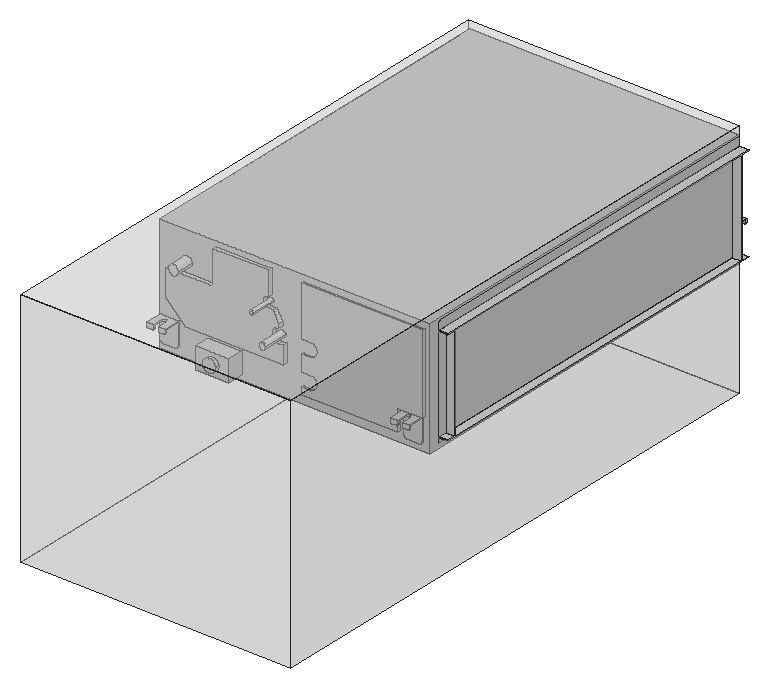
Revit family "outputfile", category 機械設備, Revit 2024
Family settings
  丸型コネクタ寸法 = 半径を使用
  パーツ タイプ = 標準
  OmniClass 番号 = 23.75.10.24.21.27.27
  OmniClass タイトル = Split System Air Conditioning Units
  作業面ベース = いいえ
  常に垂直 = はい
  ロード時にボイドで切り取り = いいえ
  注釈の向きを維持 = いいえ
  共有 = いいえ
  部屋計算ポイント = はい
Parameters (values of type "FXMQ63PAV4")
  Description = ""
  製造元 = "Daikin"
  書き出し IFC クラス(タイプ) = "IfcUnitaryEquipmentType"
  定義済み IFC タイプ(タイプ) = "AIRCONDITIONINGUNIT"
  Cost = 0
  モデル = "FXMQ63PAV4"
  Type Comments = ""
  Keynote = ""
  Type Image = (empty or 0)
  Assembly Code = ""
  r_Liquid Pipe Size = Liquid Pipe Size / 2  # 4.75 mm
  r_Gas Pipe Size = Gas Pipe Size / 2  # 7.95 mm
  r_Drain Pipe Size = Drain Pipe Size / 2  # 12.5 mm
  lw_power = 396.0 mm  # constant formula
  lh_SA = 165.0 mm  # constant formula
  lw_SA = if(Depth = 550.0 mm, 210.0 mm, if(Depth = 700.0 mm, 285.0 mm, if(Depth = 1000.0 mm, 435.0 mm, 635.0 mm)))  # 435.0 mm
  lw_RA = if(Depth = 550.0 mm, 288.0 mm, if(Depth = 700.0 mm, 363.0 mm, if(Depth = 1000.0 mm, 513.0 mm, 713.0 mm)))  # 513.0 mm
  lh_power = 60.0 mm + [h***]  # 60.0 mm
  lh_mountinghole1 = lh_mountinghole + [h***]  # 80.0 mm
  lh_RA = 150.0 mm  # constant formula
  ld_power = Depth / 2  # 500.0 mm
  Voltage_comment_60Hz = "220"
  Voltage_comment_50Hz = "220-240"
  Voltage_60Hz = 220 V
  Voltage_50Hz = 220 V
  URL = ""
  Supply Air Direction [instance] = yes
  Sound Power Level_H speed (dB) = 60
  Phase_60Hz = 1
  Phase_50Hz = 1
  Minimum External Static Pressure = 50.00 Pa
  Minimum Circuit Amps_60Hz = 1.8 A
  Minimum Circuit Amps_50Hz = 1.8 A
  Maximum Fuse Amps_60Hz = 16.0 A
  Maximum Fuse Amps_50Hz = 16.0 A
  Maximum External Static Pressure = 200.00 Pa
  Material_Casing = DAIKIN_GalvanizedSteel_Casing_indoorunit
  lw_mountinghole = 631.0 mm  # constant formula
  lh_gaspipe = 144.0 mm + [h***]  # 144.0 mm
  lh_mountinghole = 80.0 mm  # constant formula
  lh_liquidpipe = 212.0 mm + [h***]  # 212.0 mm
  lh_drainpipe = 232.0 mm + [h***]  # 232.0 mm
  lh_antena = Height - lh_mountinghole + 1.0 mm  # 221.0 mm
  ld_drainpipe = Depth / 2 + 54.0 mm  # 554.0 mm
  ld_liquidpipe = 565.0 mm
  ld_gaspipe = 565.0 mm
  ld_mountinghole = Depth + 38.0 mm  # 1038.0 mm
  h*** = 0.0 mm  # constant formula
  lw_liquidpipe = 290.0 mm  # constant formula
  lw_gaspipe = 318.0 mm  # constant formula
  lw_drainpipe = 80.0 mm  # constant formula
  Width = 700.0 mm
  Version = "ver.1.0"
  Unit Type = "Middle-High Static Pressure Duct Type"
  Unit Mass Weight = 35.00 kg
  Unit Designation [instance] = ""
  Uniclass2015Version = "Products v1.30"
  Uniclass2015Title = "Variable refrigerant flow units"
  Uniclass2015Code = "Pr_70_65_03_94"
  Total Heating Capacity [instance] = 0.000 kW
  Total Cooling Capacity [instance] = 0.000 kW
  Sound Pressure Level_M speed (dBA) = 0
  Sound Pressure Level_L speed (dBA) = 38
  Sound Pressure Level_H speed (dBA) = 42
  Series = "VRV Fan Coil Unit"
  Sensible Cooling Capacity [instance] = 0.000 kW
  SA Duct Size Width = if(Depth = 550.0 mm, 310.0 mm, if(Depth = 700.0 mm, 460.0 mm, if(Depth = 1000.0 mm, 760.0 mm, 1160.0 mm)))  # 760.0 mm
  SA Duct Size Height = 215.0 mm
  Refrigerant Type = "R410A"
  RA Duct Size Width = if(Depth = 550.0 mm, 475.0 mm, if(Depth = 700.0 mm, 625.0 mm, if(Depth = 1000.0 mm, 925.0 mm, 1325.0 mm)))  # 925.0 mm
  RA Duct Size Height = 247.0 mm
  Power Input (Heating) = 0.218 kW
  Power Input (Cooling) = 0.230 kW
  Option Accessory 3 [instance] = ""
  Option Accessory 2 [instance] = ""
  Option Accessory 1 [instance] = ""
  Nominal Heating Capacity = 8.000 kW
  Nominal Cooling Capacity = 7.100 kW
  Minimum Airflow = 960.00 m³/h
  Median Airflow = 1050.00 m³/h
  Maximum Airflow = 1170.00 m³/h
  Load Classification = HVAC
  Liquid Pipe Size = 9.5 mm
  Link_Nested Family [instance] = ""
  IfcVersion = "0"
  IfcExportType = "AIRCONDITIONINGUNIT"
  IfcExportAs = "IfcUnitaryEquipmentType"
  Height = 300.0 mm
  Heating Entering Wet Bulb Temperature [instance] = 0.00 °C
  Heating Entering Dry Bulb Temperature [instance] = 0.00 °C
  Heating Ambient Wet Bulb Temperature [instance] = 0.00 °C
  Heating Ambient Dry Bulb Temperature [instance] = 0.00 °C
  Heat Exchanger Type = "Cross Fin Coil"
  Gas Pipe Size = 15.9 mm
  Frequency_60Hz = 60 Hz
  Frequency_50Hz = 50 Hz
  Fan Type = "Sirocco Fan"
  Fan Drive = "Direct Drive"
  FCU Tag No. [instance] = ""
  Drain Pipe Size = 25.0 mm
  Design Supply Airflow [instance] = 0.00 m³/h
  Design Return Airflow [instance] = 0.00 m³/h
  Design External Static Pressure [instance] = 0.00 Pa
  Depth = 1000.0 mm
  既定の高さ = 0.0 mm
  Cooling Entering Wet Bulb Temperature [instance] = 0.00 °C
  Cooling Entering Dry Bulb Temperature [instance] = 0.00 °C
  Cooling Ambient Wet Bulb Temperature [instance] = 0.00 °C
  Cooling Ambient Dry Bulb Temperature [instance] = 0.00 °C
  Clearance visibility [instance] = yes
  Clearance Top = 20.0 mm
  Clearance Right = 0.0 mm
  Clearance Rear = 0.0 mm
  Clearance Left = 0.0 mm
  Clearance Front = 450.0 mm
  Clearance Bottom = 300.0 mm
Reference planes
  plane 1 "Center (Front/Back)": y = 0
  plane 2 "h": z = 0
  plane 3 "Center (Left/Right)": x = 0
  plane 4 "Back": y = 500
  plane 5 "Front": y = -500
  plane 6 "Left": x = -350
  plane 7 "Reight": x = 350
  plane 8 "Top": z = 0
  plane 9 "Bottom": z = -300
  plane 10: y = -215
  plane 11: y = 500
  plane 12: y = -950
  plane 13: x = -350
  plane 14: x = 350
  plane 15: z = 20
  plane 16: z = -600
  plane 17: x = -350
  plane 18: z = -135
  plane 19: x = -349
  plane 20: x = 349
  plane 21: y = 65
  plane 22: y = 13
  plane 23: z = -150
  plane 24: y = -510.8
  plane 25: z = -14
  plane 26: z = -219
  plane 27: x = -324
  plane 28: x = -60
  plane 29: x = -20
  plane 30: z = -156
  plane 31: x = -32
  plane 32: z = -88
  plane 33: x = 23
  plane 34: x = 335
  plane 35: z = -15.8
  plane 36: z = -274.8
  plane 37: z = -219.8
  plane 38: x = 271
  plane 39: x = -223.3
  plane 40: x = -138.3
  plane 41: z = -232.7
  plane 42: z = -288.5
  plane 43: y = -541
  plane 44: x = -181
  plane 45: z = -260
  plane 46: y = -551
  plane 47: z = -163.8
  plane 48: z = -239.8
  plane 49: x = 46
  plane 50: z = -88
  plane 51: x = -60
  plane 52: y = -565
  plane 53: z = -156
  plane 54: x = -32
  plane 55: y = -554
  plane 56: z = -68
  plane 57: x = -270
  plane 58: x = -270
  plane 59: x = -60
  plane 60: x = -32
  plane 61: x = 46
  plane 62: x = -323
  plane 63: x = 308
  plane 64: y = -519
  plane 65: y = 519
  plane 66: z = -220
  plane 67: y = -506
  plane 68: x = -204
  plane 69: z = -100.2
  plane 70: x = -374
  plane 71: x = 374
Forms (mm)
  Extrusion 1, solid, material "DAIKIN_GalvanizedSteel_Casing_indoorunit" <- "Material_Casing"
    sketch origin (0, 0, 0) x (1, 0, 0) y (0, 1, 0)
      loop
        line (-349, 500) -> (-349, -500) -> (349, -500) -> (349, 500) -> (-349, 500)
    from -300 to 0
  Extrusion 2, solid, material "DAIKIN_GalvanizedSteel_Casing_indoorunit" <- "Material_Casing"
    sketch origin (0, 0, 0) x (1, 0, 0) y (0, 0, 1)
      loop
        line (-324, -100.2) -> (-324, -168) -> (-273, -219) -> (-20, -219) -> (-20, -173.5) -> (-32, -173.5)
        arc (-32, -173.5) -> (-49.5, -156) -> (-32, -138.5) r 17.5
        line (-32, -138.5) -> (-32, -127.5) -> (-47, -101) -> (-60, -101)
        arc (-60, -101) -> (-73, -88) -> (-60, -75) r 13
        line (-60, -75) -> (-60, -14) -> (-204, -14) -> (-204, -100.2) -> (-324, -100.2)
    from 500 to 510.8
  Extrusion 3, solid, material "DAIKIN_GalvanizedSteel_Casing_indoorunit" <- "Material_Casing"
    sketch origin (0, 0, 0) x (1, 0, 0) y (0, 0, 1)
      loop
        line (23, -274.8) -> (271, -274.8) -> (271, -219.8) -> (335, -219.8) -> (335, -15.8) -> (23, -15.8) -> (23, -146.3) -> (46, -146.3)
        arc (46, -146.3) -> (63.5, -163.8) -> (46, -181.3) r 17.5
        line (46, -181.3) -> (23, -181.3) -> (23, -222.3) -> (46, -222.3)
        arc (46, -222.3) -> (63.5, -239.8) -> (46, -257.3) r 17.5
        line (46, -257.3) -> (23, -257.3) -> (23, -274.8)
    from 500 to 506
  Extrusion 4, solid, material "DAIKIN_GalvanizedSteel_Casing_indoorunit" <- "Material_Casing"
    sketch origin (0, 0, 0) x (1, 0, 0) y (0, 0, 1)
      loop
        line (-223.3, -232.7) -> (-223.3, -288.5) -> (-138.3, -288.5) -> (-138.3, -232.7) -> (-223.3, -232.7)
    from 500 to 541
  Extrusion 5, solid, material "DAIKIN_GalvanizedSteel_Casing_indoorunit" <- "Material_Casing"
    sketch origin (0, 0, 0) x (1, 0, 0) y (0, 0, 1)
      loop
        circle (-181, -260) r 16.5
    from 541 to 551
  Extrusion 6, solid
    sketch origin (0, 0, 0) x (1, 0, 0) y (0, 0, 1)
      loop
        circle (-60, -88) r 4.75
    from 500 to 565
  Extrusion 7, solid
    sketch origin (0, 0, 0) x (1, 0, 0) y (0, 0, 1)
      loop
        circle (-32, -156) r 7.95
    from 500 to 565
  Extrusion 8, solid
    sketch origin (0, 0, 0) x (1, 0, 0) y (0, 0, 1)
      loop
        circle (-270, -68) r 12.5
    from 510.8 to 554
Dimensions and locks
  "Height": plane 8 "Top" to plane 9 "Bottom"
  equal spacing: plane 4 "Back", plane 1 "Center (Front/Back)", plane 5 "Front"
  "Depth": plane 4 "Back" to plane 5 "Front"
  equal spacing: plane 6 "Left", plane 3 "Center (Left/Right)", plane 7 "Reight"
  "Width": plane 6 "Left" to plane 7 "Reight"
  "Clearance Left": plane 13 to plane 6 "Left"
  "Clearance Right": plane 7 "Reight" to plane 14
  "Clearance Rear": plane 11 to plane 4 "Back"
  "Clearance Front": plane 5 "Front" to plane 12
  "Clearance Top": plane 15 to plane 8 "Top"
  "Clearance Bottom": plane 9 "Bottom" to plane 16
  "lh_SA": plane 18 to plane 9 "Bottom"
  locked: plane 17 to plane 19 at 1
  locked: plane 20 to plane 14 at 1
  "lw_SA": plane 11 to plane 21
  "lw_RA": plane 22 to plane 5 "Front"
  "lh_RA": plane 23 to plane 9 "Bottom"
  locked: plane 5 "Front" to plane 24 at 10.8
  plane 29 to plane 28 to plane 27 to plane 6 "Left" = 40.0 mm, 264.0 mm, 26.0 mm
  locked: plane 31 to plane 6 "Left" at 318
  plane 34 to plane 33 to plane 6 "Left" = 312.0 mm locked, 373.0 mm locked
  locked: plane 34 to plane 38 at 64
  locked: plane 37 to plane 36 at 55
  plane 40 to plane 39 to plane 6 "Left" = 85.0 mm locked, 126.7 mm locked
  locked: plane 5 "Front" to plane 43 at 41
  locked: plane 44 to plane 6 "Left" at 169
  locked: plane 43 to plane 46 at 10
  plane 47 to plane 48 to plane 36 = 76.0 mm locked, 35.0 mm locked
  locked: plane 49 to plane 33 at 23
  "lw_liquidpipe": plane 51 to plane 6 "Left"
  "lh_liquidpipe": plane 50 to plane 9 "Bottom"
  "lh_gaspipe": plane 53 to plane 9 "Bottom"
  "lw_gaspipe": plane 54 to plane 6 "Left"
  "ld_gaspipe": plane 52 to plane 1 "Center (Front/Back)"
  "ld_drainpipe": plane 55 to plane 1 "Center (Front/Back)"
  "lh_drainpipe": plane 56 to plane 9 "Bottom"
  "lw_drainpipe": plane 57 to plane 6 "Left"
  "lw_drainpipe": plane 6 "Left" to plane 58
  "lw_liquidpipe": plane 6 "Left" to plane 59
  "lw_gaspipe": plane 6 "Left" to plane 60
  "lw_power": plane 6 "Left" to plane 61
  plane 17 to plane 62 = 27.0 mm
  "lw_mountinghole": plane 62 to plane 63
  equal spacing: plane 64, plane 1 "Center (Front/Back)", plane 65
  "ld_mountinghole": plane 65 to plane 64
  "lh_mountinghole": plane 66 to plane 9 "Bottom"
  plane 8 "Top" to plane 41 to plane 42 = 232.7 mm locked, 55.8 mm locked
  locked: plane 8 "Top" to plane 45 at 260
  plane 8 "Top" to plane 25 to plane 26 = 14.0 mm locked, 205.0 mm locked
  plane 8 "Top" to plane 32 to plane 30 = 88.0 mm locked, 68.0 mm locked
  plane 8 "Top" to plane 35 to plane 36 = 15.8 mm locked, 259.0 mm locked
  locked: plane 5 "Front" to plane 67 at 6
  locked: plane 25 to plane 69 at 86.2
  locked: plane 27 to plane 68 at 120
  locked: plane 70 to plane 6 "Left" at 24
  locked: plane 14 to plane 71 at 24
  "r_Liquid Pipe Size": radius of Extrusion 6 sketch curve
  "r_Gas Pipe Size": radius of Extrusion 7 sketch curve
  "r_Drain Pipe Size": radius of Extrusion 8 sketch curve
  aligned and locked: level to plane 2 "h"
  aligned and locked: plane 8 "Top" to Extrusion 1
  aligned and locked: Extrusion 1 to plane 9 "Bottom"
  aligned and locked: nested 5 to plane 12
  aligned and locked: plane 13 to nested 5
  aligned and locked: plane 14 to nested 5
  aligned and locked: nested 5 to plane 13
  aligned and locked: plane 11 to nested 5
  aligned and locked: plane 15 to nested 5
  aligned and locked: plane 16 to nested 5
  aligned and locked: plane 5 "Front" to Extrusion 1 sketch curve
  aligned and locked: Extrusion 1 to plane 19
  aligned and locked: plane 20 to Extrusion 1
  aligned and locked: nested 7 to plane 19
  aligned and locked: nested 7 to plane 21
  aligned and locked: plane 18 to nested 7
  aligned and locked: plane 20 to nested 8
  aligned and locked: plane 22 to nested 8
  aligned and locked: plane 23 to nested 8
  aligned and locked: Extrusion 2 to plane 24
  aligned and locked: plane 5 "Front" to Extrusion 2
  aligned and locked: plane 36 to Extrusion 3 sketch curve
  aligned and locked: plane 38 to Extrusion 3 sketch curve
  aligned and locked: plane 37 to Extrusion 3 sketch curve
  aligned and locked: Extrusion 3 sketch curve to plane 34
  aligned and locked: Extrusion 3 sketch curve to plane 35
  aligned and locked: Extrusion 3 sketch curve to plane 33
  aligned and locked: plane 5 "Front" to Extrusion 3
  aligned and locked: Extrusion 4 sketch curve to plane 41
  aligned and locked: Extrusion 4 sketch curve to plane 39
  aligned and locked: plane 42 to Extrusion 4 sketch curve
  aligned and locked: plane 40 to Extrusion 4 sketch curve
  aligned and locked: Extrusion 4 to plane 43
  aligned and locked: plane 5 "Front" to Extrusion 4
  aligned and locked: Extrusion 5 sketch curve to plane 44
  aligned and locked: plane 45 to Extrusion 5 sketch curve
  aligned and locked: Extrusion 5 to plane 46
  aligned and locked: plane 43 to Extrusion 5
  aligned and locked: Extrusion 6 sketch curve to plane 51
  aligned and locked: plane 50 to Extrusion 6 sketch curve
  aligned and locked: Extrusion 6 to plane 52
  aligned and locked: plane 5 "Front" to Extrusion 6
  aligned and locked: Extrusion 7 sketch curve to plane 54
  aligned and locked: plane 53 to Extrusion 7 sketch curve
  aligned and locked: Extrusion 7 to Extrusion 6
  aligned and locked: plane 5 "Front" to Extrusion 7
  aligned and locked: Extrusion 8 sketch curve to plane 57
  aligned and locked: plane 56 to Extrusion 8 sketch curve
  aligned and locked: Extrusion 8 to plane 55
  aligned and locked: plane 24 to Extrusion 8
  aligned and locked: nested 3 to plane 55
  aligned and locked: plane 58 to nested 3
  aligned and locked: nested 2 to plane 59
  aligned and locked: nested 2 to plane 52
  aligned and locked: nested 1 to plane 60
  aligned and locked: Extrusion 7 to plane 52
  aligned and locked: nested 1 to plane 52
  aligned and locked: nested 6 to plane 5 "Front"
  aligned and locked: nested 6 to plane 61
  aligned and locked: plane 62 to nested 10
  aligned and locked: nested 10 to plane 5 "Front"
  aligned and locked: plane 63 to nested 9
  aligned and locked: nested 9 to plane 5 "Front"
  aligned and locked: nested 11 to plane 62
  aligned and locked: plane 4 "Back" to nested 11
  aligned and locked: nested 12 to plane 63
  aligned and locked: plane 4 "Back" to nested 12
  aligned and locked: plane 66 to nested 10
  aligned and locked: plane 66 to nested 11
  aligned and locked: plane 66 to nested 9
  aligned and locked: plane 66 to nested 12
  aligned and locked: plane 62 to nested 14
  aligned and locked: nested 14 to plane 65
  aligned and locked: plane 63 to nested 13
  aligned and locked: nested 13 to plane 65
  aligned and locked: plane 63 to nested 16
  aligned and locked: plane 64 to nested 16
  aligned and locked: plane 64 to nested 15
  aligned and locked: plane 62 to nested 15
  aligned and locked: Extrusion 3 to plane 67
  aligned and locked: Extrusion 2 sketch curve to plane 68
  aligned and locked: plane 69 to Extrusion 2 sketch curve
  aligned and locked: nested 17 to plane 21
  aligned and locked: nested 17 to plane 70
  aligned and locked: plane 18 to nested 17
  aligned and locked: plane 22 to nested 18
  aligned and locked: plane 71 to nested 18
  aligned and locked: nested 18 to plane 23
  aligned and locked: nested 4 to plane 3 "Center (Left/Right)"
  aligned and locked: plane 1 "Center (Front/Back)" to nested 4
  aligned and locked: level to plane 8 "Top"
Automatic sketch dimensions
  plane 6 "Left" to Extrusion 1 sketch curve = 1.0 mm
  Extrusion 1 sketch curve to plane 7 "Reight" = 1.0 mm
  Extrusion 1 sketch curve to plane 4 "Back" = 0.0 mm
  Extrusion 3 sketch curve to plane 33 = 0.0 mm  (x2)
  Extrusion 3 sketch curve to plane 47 = 0.0 mm
  Extrusion 3 sketch curve to plane 49 = 0.0 mm  (x4)
  Extrusion 3 sketch curve to plane 48 = 0.0 mm
  Extrusion 3 sketch curve to plane 37 = 2.5 mm
  plane 23 to Extrusion 3 sketch curve = 3.7 mm
  plane 27 to Extrusion 2 sketch curve = 0.0 mm
  Extrusion 2 sketch curve to plane 26 = 0.0 mm
  Extrusion 2 sketch curve to plane 28 = 0.0 mm
  Extrusion 2 sketch curve to plane 31 = 0.0 mm
  Extrusion 2 sketch curve to plane 29 = 0.0 mm
  Extrusion 2 sketch curve to plane 30 = 0.0 mm
  Extrusion 2 sketch curve to plane 32 = 0.0 mm
  Extrusion 2 sketch curve to plane 25 = 0.0 mm
  Extrusion 2 sketch curve to Extrusion 2 sketch curve = 13.0 mm
  Extrusion 2 sketch curve to Extrusion 2 sketch curve = 17.5 mm
  plane 18 to Extrusion 2 sketch curve = 7.5 mm
  Extrusion 2 sketch curve to plane 58 = 3.0 mm
  Extrusion 2 sketch curve to plane 30 = 12.0 mm
  Extrusion 2 sketch curve to Extrusion 2 sketch curve = 0.8 mm
  radius of Extrusion 5 sketch curve = 16.5 mm
Nested families
  nested 1: "daikin_connector_rotate2" at (-32, 0, -156), length <- "ld_gaspipe", built-in parameter 1001364 <- "lh_gaspipe", radius <- "r_Gas Pipe Size", type "daikin_connector_rotate2"
    with radius 7.95 mm, length 565.0 mm, angle_vertical 90.00°
  nested 2: "daikin_connector_rotate2" at (-60, 0, -88), length <- "ld_liquidpipe", built-in parameter 1001364 <- "lh_liquidpipe", radius <- "r_Liquid Pipe Size", type "daikin_connector_rotate2"
    with radius 4.75 mm, length 565.0 mm, angle_vertical 90.00°
  nested 3: "daikin_connector_rotate2" at (-270, 0, -68), length <- "ld_drainpipe", built-in parameter 1001364 <- "lh_drainpipe", radius <- "r_Drain Pipe Size", type "daikin_connector_rotate2"
    with radius 12.5 mm, length 554.0 mm, angle_vertical 90.00°
  nested 4: "daikin_△_symbolicline" at (0, 0, 300) x (0, -1, 0) z (0, 0, 1), built-in parameter 1001364 <- "Height", visible <- "Supply Air Direction", type "daikin_△_symbolicline"
    with length 200.0 mm
  nested 5: "daikin_clearancespace" at (0, -225, -289.881), visible <- "Clearance visibility", show <- "Clearance visibility", Link_Nested Family <- "Link_Nested Family", type "daikin_clearancespace"
    with width 700.0 mm, show yes, height 620.0 mm, depth 1450.0 mm, Link_Nested Family ""
  nested 6: "daikin_connector_rotate2" at (46, 0, -240), built-in parameter 1001364 <- "lh_power", length <- "ld_power", type "daikin_connector_rotate2"
    with radius 10.0 mm, length 500.0 mm, angle_vertical 90.00°
  nested 7: "daikin_ductflange_FXMQ-PAV4_2" at (-349, 65, -135) x (0, -1, 0) z (0, 0, 1), type "daikin_ductflange_FXMQ-PAV4_2"
    with width 760.0 mm, w 1000.0 mm
  nested 8: "daikin_ductflange_FXMQ-PAV4_1" at (349, 13, -150) x (0, 1, 0) z (0, 0, 1), type "daikin_ductflange_FXMQ-PAV4_1"
    with width 925.0 mm, w 1000.0 mm
  nested 9: "daikin_hangerfixture_FXMQ-PAV4" at (308, -500, -220), type "daikin_hangerfixture_FXMQ-PAV4"
  nested 10: "daikin_hangerfixture_FXMQ-PAV4" at (-323, -500, -220), type "daikin_hangerfixture_FXMQ-PAV4"
  nested 11: "daikin_hangerfixture_FXMQ-PAV4" at (-323, 500, -220) x (-1, 0, 0) z (0, 0, 1), type "daikin_hangerfixture_FXMQ-PAV4"
  nested 12: "daikin_hangerfixture_FXMQ-PAV4" at (308, 500, -220) x (-1, 0, 0) z (0, 0, 1), type "daikin_hangerfixture_FXMQ-PAV4"
  nested 13: "daikin_mountinghole" at (308, 519, -300), h_mountinghole <- "lh_mountinghole1", l_antenna <- "lh_antena", Link_Nested Family <- "Link_Nested Family", type "daikin_mountinghole"
    with show yes, l_antenna 221.0 mm, h_mountinghole 80.0 mm, Link_Nested Family ""
  nested 14: "daikin_mountinghole" at (-323, 519, -300), h_mountinghole <- "lh_mountinghole1", l_antenna <- "lh_antena", Link_Nested Family <- "Link_Nested Family", type "daikin_mountinghole"
    with show yes, l_antenna 221.0 mm, h_mountinghole 80.0 mm, Link_Nested Family ""
  nested 15: "daikin_mountinghole" at (-323, -519, -300), h_mountinghole <- "lh_mountinghole1", l_antenna <- "lh_antena", Link_Nested Family <- "Link_Nested Family", type "daikin_mountinghole"
    with show yes, l_antenna 221.0 mm, h_mountinghole 80.0 mm, Link_Nested Family ""
  nested 16: "daikin_mountinghole" at (308, -519, -300), h_mountinghole <- "lh_mountinghole1", l_antenna <- "lh_antena", Link_Nested Family <- "Link_Nested Family", type "daikin_mountinghole"
    with show yes, l_antenna 221.0 mm, h_mountinghole 80.0 mm, Link_Nested Family ""
  nested 17: "daikin_connector_rotate2" at (-350, 65, -135) x (0, -1, 0) z (0, 0, 1), type "daikin_connector_rotate2"
    with radius 10.0 mm, length 24.0 mm, angle_vertical 90.00°
  nested 18: "daikin_connector_rotate2" at (350, 13, -150) x (0, 1, 0) z (0, 0, 1), type "daikin_connector_rotate2"
    with radius 10.0 mm, length 24.0 mm, angle_vertical 90.00°
Connectors
  piping at (-270, -554, -68), diameter 25, driven by "r_Drain Pipe Size"
    settings: on nested 3, index 3, connector inside diameter 609.6 mm, connector length 0.0 mm, flow factor 0, pipe flow 0.00 m³/h, pressure drop 0.0 Pa, fitting loss kfactor 0, connector angle 0.00°, fixture units 0, engagement length 0.0 mm, angle of deflection 0.00°, flow configuration 1, flow direction 2, fitting loss method 4, system type 16, joint type 0, gender type 0, connector reference index -1, connector utility 0, adjustable connector no, is connector primary yes, connector description "Condensate Drain Piping"
  piping at (-32, -565, -156), diameter 15.9, driven by "r_Gas Pipe Size"
    settings: on nested 1, index 4, connector inside diameter 609.6 mm, connector length 0.0 mm, flow factor 0, pipe flow 0.00 m³/h, pressure drop 0.0 Pa, fitting loss kfactor 0, connector angle 0.00°, fixture units 0, engagement length 0.0 mm, angle of deflection 0.00°, flow configuration 1, flow direction 2, fitting loss method 0, system type 29, joint type 0, gender type 0, connector reference index -1, connector utility 0, adjustable connector no, is connector primary no, connector description "Refrigerant Gas Piping"
  piping at (-60, -565, -88), diameter 9.5, driven by "r_Liquid Pipe Size"
    settings: on nested 2, index 5, connector inside diameter 609.6 mm, connector length 0.0 mm, flow factor 0, pipe flow 0.00 m³/h, pressure drop 0.0 Pa, fitting loss kfactor 0, connector angle 0.00°, fixture units 0, engagement length 0.0 mm, angle of deflection 0.00°, flow configuration 1, flow direction 1, fitting loss method 0, system type 29, joint type 0, gender type 0, connector reference index -1, connector utility 0, adjustable connector no, is connector primary no, connector description "Refrigerant Liquid Piping"
  electrical at (46, -500, -240), driven by "Load Classification"
    settings: on nested 6, index 6, voltage 0 V, apparent load 0 VA, apparent load phase1 0 VA, apparent load phase2 0 VA, apparent load phase3 0 VA, power factor 1, load classification "HVAC", number of poles 1, system type 30, power factor state 1, is connector primary yes, connector utility no, sub classification motor no, connector description "Power Supply"
  hvac at (-374, 65, -135), driven by "SA Duct Size Height", driven by "SA Duct Size Width"
    settings: on nested 17, index 7, duct flow 0.00 m³/h, flow factor 0, pres drop 0.00 Pa, loss coef 0, conn angle 0.00°, conn width 760.0 mm, conn height 215.0 mm, conn diameter 609.6 mm, duct sys type 1, conn prof type 1, flow config 0, flow direction 2, loss method 4, conn ref index -1, conn util no, is conn primary yes, conn desc "SA Duct"
  hvac at (374, 13, -150), driven by "RA Duct Size Height", driven by "RA Duct Size Width"
    settings: on nested 18, index 8, duct flow 0.00 m³/h, flow factor 0, pres drop 0.00 Pa, loss coef 0, conn angle 0.00°, conn width 925.0 mm, conn height 247.0 mm, conn diameter 609.6 mm, duct sys type 2, conn prof type 1, flow config 0, flow direction 1, loss method 4, conn ref index -1, conn util no, is conn primary no, conn desc "RA Duct"
Definition of nested family "daikin_clearancespace"
  Parameters (values of type "daikin_clearancespace")
    width [instance] = 1823.963 mm
    show [instance] = yes
    material = none
    height [instance] = 1359.762 mm
    depth [instance] = 880.0 mm
    Default Elevation = 0.0 mm
    Link_Nested Family [instance] = ""
  Reference planes
    plane 1 "Center (Front/Back)": y = 0
    plane 2 "Center (Elevation)": z = -0.119
    plane 3 "Center (Left/Right)": x = 0
    plane 4: y = 440
    plane 5: y = -440
    plane 6 "Right": x = 911.982
    plane 7 "Left": x = -911.982
    plane 8 "Top": z = 679.762
    plane 9 "Bottom": z = -680
  Forms (mm)
    Extrusion 1, solid, material <- "material", visible <- "show"
      sketch origin (0, 0, 0) x (1, 0, 0) y (0, 1, 0)
        loop
          line (-911.982, 440) -> (-911.982, -440) -> (911.982, -440) -> (911.982, 440) -> (-911.982, 440)
      from -680 to 679.762
  Lines and regions (mm)
    symbolic lines, visible <- "show"
      curve 1: line (911.982, 440, 0) -> (-911.982, 440, 0)
      curve 2: line (-911.982, 440, 0) -> (-911.982, -440, 0)
      curve 3: line (-911.982, -440, 0) -> (911.982, -440, 0)
      curve 4: line (911.982, -440, 0) -> (911.982, 440, 0)
      curve 5: line (911.982, 0, 679.762) -> (-911.982, 0, 679.762)
      curve 6: line (911.982, 0, -680) -> (911.982, 0, 679.762)
      curve 7: line (-911.982, 0, -680) -> (911.982, 0, -680)
      curve 8: line (-911.982, 0, 679.762) -> (-911.982, 0, -680)
      curve 9: line (0, 440, 679.762) -> (0, -440, 679.762)
      curve 10: line (0, -440, 679.762) -> (0, -440, -680)
      curve 11: line (0, 440, -680) -> (0, 440, 679.762)
      curve 12: line (0, -440, -680) -> (0, 440, -680)
  Dimensions and locks
    "width": plane 7 "Left" to plane 6 "Right"
    "depth": plane 4 to plane 5
    "height": plane 8 "Top" to plane 9 "Bottom"
    equal spacing: plane 7 "Left", plane 3 "Center (Left/Right)", plane 6 "Right"
    equal spacing: plane 4, plane 1 "Center (Front/Back)", plane 5
    equal spacing: plane 8 "Top", plane 2 "Center (Elevation)", plane 9 "Bottom"
    aligned and locked: level to plane 2 "Center (Elevation)"
    aligned and locked: Extrusion 1 sketch curve to plane 4
    aligned and locked: plane 7 "Left" to Extrusion 1 sketch curve
    aligned and locked: Extrusion 1 sketch curve to plane 5
    aligned and locked: Extrusion 1 sketch curve to plane 6 "Right"
    aligned and locked: plane 8 "Top" to Extrusion 1
    aligned and locked: curve 1 to Extrusion 1
    aligned and locked: curve 2 to Extrusion 1
    aligned and locked: curve 3 to Extrusion 1
    aligned and locked: curve 4 to Extrusion 1
    aligned and locked: curve 5 to Extrusion 1
    aligned and locked: curve 6 to Extrusion 1
    aligned and locked: curve 7 to Extrusion 1
    aligned and locked: curve 8 to Extrusion 1
    aligned and locked: curve 9 to Extrusion 1
    aligned and locked: curve 10 to Extrusion 1
    aligned and locked: curve 11 to Extrusion 1
    aligned and locked: curve 12 to Extrusion 1
    aligned and locked: Extrusion 1 to plane 9 "Bottom"
Definition of nested family "daikin_ductflange_FXMQ-PAV4_2"
  Parameters (values of type "daikin_ductflange_FXDSQ-AVM2")
    width = if(w = 550.0 mm, 310.0 mm, if(w = 700.0 mm, 460.0 mm, if(w = 1000.0 mm, 760.0 mm, 1160.0 mm)))  # 310.0 mm
    material = none
    height = 215.0 mm
    depth = 1.0 mm
    w = 550.0 mm
    Default Elevation = 0.0 mm
  Reference planes
    plane 1 "Center (Front/Back)": y = 0
    plane 2: z = 0
    plane 3 "Center (Left/Right)": x = 0
    plane 4: z = 107.5
    plane 5: z = -107.5
    plane 6: y = -25
    plane 7: z = 132.5
    plane 8: z = 108.5
    plane 9: y = -1
    plane 10: x = -177.5
    plane 11: x = 177.5
    plane 12: z = -132.5
    plane 13: z = -108.5
    plane 14: y = -1
    plane 15: x = 155
    plane 16: x = -155
    plane 17: x = 156
    plane 18: z = 106.5
    plane 19: z = -106.5
    plane 20: x = -156
    plane 21: z = 106.5
    plane 22: z = -106.5
    plane 23: y = -1
  Forms (mm)
    Extrusion 1, solid, material <- "material"
      sketch origin (0, 0, 0) x (0, 1, 0) y (0, 0, 1)
        loop
          line (-25, 107.5) -> (0, 107.5) -> (0, 132.5) -> (-1, 132.5) -> (-1, 108.5) -> (-25, 108.5) -> (-25, 107.5)
      from -177.5 to 177.5
    Extrusion 2, solid, material <- "material"
      sketch origin (0, 0, 0) x (0, 1, 0) y (0, 0, 1)
        loop
          line (-25, -107.5) -> (-25, -108.5) -> (-1, -108.5) -> (-1, -132.5) -> (0, -132.5) -> (0, -107.5) -> (-25, -107.5)
      from -177.5 to 177.5
    Extrusion 3, solid, material <- "material"
      sketch origin (0, 0, 0) x (1, 0, 0) y (0, 0, 1)
        loop
          line (155, 107.5) -> (155, -107.5) -> (177.5, -107.5) -> (177.5, -106.5) -> (156, -106.5) -> (156, 106.5) -> (177.5, 106.5) -> (177.5, 107.5) -> (155, 107.5)
      from 0 to 25
    Extrusion 4, solid, material <- "material"
      sketch origin (0, 0, 0) x (1, 0, 0) y (0, 0, 1)
        loop
          line (-177.5, 107.5) -> (-177.5, 106.5) -> (-156, 106.5) -> (-156, -106.5) -> (-177.5, -106.5) -> (-177.5, -107.5) -> (-155, -107.5) -> (-155, 107.5) -> (-177.5, 107.5)
      from 0 to 25
    Extrusion 5, solid, material <- "material"
      sketch origin (0, 0, 0) x (1, 0, 0) y (0, 0, 1)
        loop
          line (-177.5, 107.5) -> (-177.5, -107.5) -> (-155, -107.5) -> (-155, 107.5) -> (-177.5, 107.5)
        loop
          line (177.5, 107.5) -> (155, 107.5) -> (155, -107.5) -> (177.5, -107.5) -> (177.5, 107.5)
      from 0 to 1
  Cuts and joins
    joined: Extrusion 1, Extrusion 2, Extrusion 3, Extrusion 4, Extrusion 5
  Dimensions and locks
    plane 4 to level to plane 5 = 107.5 mm locked, 107.5 mm locked
    locked: plane 6 to plane 1 "Center (Front/Back)" at 25
    locked: plane 9 to plane 1 "Center (Front/Back)" at 1
    locked: plane 8 to plane 4 at 1
    locked: plane 11 to plane 15 at 22.5
    locked: plane 16 to plane 10 at 22.5
    locked: plane 17 to plane 15 at 1
    locked: plane 4 to plane 18 at 1
    locked: plane 19 to plane 5 at 1
    "width": plane 15 to plane 16
    plane 4 to plane 5 = 215.0 mm
    equal spacing: plane 15, plane 3 "Center (Left/Right)", plane 16
    locked: plane 16 to plane 20 at 1
    locked: plane 4 to plane 21 at 1
    locked: plane 22 to plane 5 at 1
    locked: plane 23 to plane 1 "Center (Front/Back)" at 1
    aligned and locked: level to plane 2
    aligned and locked: Extrusion 1 to plane 10
    aligned and locked: plane 11 to Extrusion 1
    aligned and locked: plane 5 to Extrusion 2
    aligned and locked: Extrusion 2 to plane 1 "Center (Front/Back)"
    aligned and locked: plane 15 to Extrusion 3 sketch curve
    aligned and locked: Extrusion 3 sketch curve to Extrusion 2  (x2)
    aligned and locked: Extrusion 3 sketch curve to plane 11
    aligned and locked: plane 6 to Extrusion 3
    aligned and locked: Extrusion 2 to plane 10
    aligned and locked: plane 11 to Extrusion 2
    aligned and locked: Extrusion 4 sketch curve to Extrusion 1  (x2)
    aligned and locked: plane 5 to Extrusion 4 sketch curve
    aligned and locked: Extrusion 4 sketch curve to plane 16
    aligned and locked: Extrusion 4 sketch curve to plane 22
    aligned and locked: plane 20 to Extrusion 4 sketch curve
    aligned and locked: plane 21 to Extrusion 4 sketch curve
    aligned and locked: Extrusion 4 to plane 1 "Center (Front/Back)"
    aligned and locked: plane 6 to Extrusion 4
    aligned and locked: Extrusion 5 sketch curve to Extrusion 1  (x4)
    aligned and locked: Extrusion 5 sketch curve to Extrusion 4  (x2)
    aligned and locked: Extrusion 5 sketch curve to Extrusion 3  (x2)
    aligned and locked: Extrusion 5 to plane 1 "Center (Front/Back)"
    aligned and locked: plane 23 to Extrusion 5
  Automatic sketch dimensions
    Extrusion 1 sketch curve to plane 6 = 0.0 mm
    Extrusion 1 sketch curve to plane 7 = 0.0 mm
    Extrusion 1 sketch curve to plane 9 = 0.0 mm
    Extrusion 1 sketch curve to plane 1 "Center (Front/Back)" = 0.0 mm
    Extrusion 1 sketch curve to plane 4 = 0.0 mm
    Extrusion 1 sketch curve to plane 8 = 0.0 mm
    Extrusion 2 sketch curve to plane 6 = 0.0 mm
    plane 12 to Extrusion 2 sketch curve = 0.0 mm
    Extrusion 2 sketch curve to plane 14 = 0.0 mm
    Extrusion 2 sketch curve to plane 1 "Center (Front/Back)" = 0.0 mm
    plane 13 to Extrusion 2 sketch curve = 0.0 mm
    Extrusion 2 sketch curve to plane 5 = 0.0 mm
    Extrusion 3 sketch curve to plane 17 = 0.0 mm
    Extrusion 3 sketch curve to plane 19 = 0.0 mm
    Extrusion 3 sketch curve to plane 18 = 0.0 mm
    Extrusion 3 sketch curve to plane 4 = 0.0 mm
    Extrusion 4 sketch curve to plane 10 = 0.0 mm
Definition of nested family "daikin_ductflange_FXMQ-PAV4_1"
  Parameters (values of type "daikin_ductflange_FXDSQ-AVM")
    width = if(w = 550.0 mm, 475.0 mm, if(w = 700.0 mm, 625.0 mm, if(w = 1000.0 mm, 925.0 mm, 1325.0 mm)))  # 475.0 mm
    material = none
    height = 247.0 mm
    depth = 1.0 mm
    w = 550.0 mm
    Default Elevation = 0.0 mm
  Reference planes
    plane 1 "Center (Front/Back)": y = 0
    plane 2: z = 0
    plane 3 "Center (Left/Right)": x = 0
    plane 4: z = 123.5
    plane 5: z = -123.5
    plane 6: y = -25
    plane 7: z = 146.5
    plane 8: z = 124.5
    plane 9: y = -1
    plane 10: x = -260
    plane 11: x = 260
    plane 12: z = -137
    plane 13: z = -124.5
    plane 14: y = -1
    plane 15: x = 237.5
    plane 16: x = -237.5
    plane 17: x = 238.5
    plane 18: z = 122.5
    plane 19: z = -122.5
    plane 20: x = -238.5
    plane 21: z = 122.5
    plane 22: z = -122.5
    plane 23: y = -1
  Forms (mm)
    Extrusion 1, solid, material <- "material"
      sketch origin (0, 0, 0) x (0, 1, 0) y (0, 0, 1)
        loop
          line (-25, 123.5) -> (0, 123.5) -> (0, 146.5) -> (-1, 146.5) -> (-1, 124.5) -> (-25, 124.5) -> (-25, 123.5)
      from -260 to 260
    Extrusion 2, solid, material <- "material"
      sketch origin (0, 0, 0) x (0, 1, 0) y (0, 0, 1)
        loop
          line (-25, -123.5) -> (-25, -124.5) -> (-1, -124.5) -> (-1, -137) -> (0, -137) -> (0, -123.5) -> (-25, -123.5)
      from -260 to 260
    Extrusion 3, solid, material <- "material"
      sketch origin (0, 0, 0) x (1, 0, 0) y (0, 0, 1)
        loop
          line (237.5, 123.5) -> (237.5, -123.5) -> (260, -123.5) -> (260, -122.5) -> (238.5, -122.5) -> (238.5, 122.5) -> (260, 122.5) -> (260, 123.5) -> (237.5, 123.5)
      from 0 to 25
    Extrusion 4, solid, material <- "material"
      sketch origin (0, 0, 0) x (1, 0, 0) y (0, 0, 1)
        loop
          line (-260, 123.5) -> (-260, 122.5) -> (-238.5, 122.5) -> (-238.5, -122.5) -> (-260, -122.5) -> (-260, -123.5) -> (-237.5, -123.5) -> (-237.5, 123.5) -> (-260, 123.5)
      from 0 to 25
    Extrusion 5, solid, material <- "material"
      sketch origin (0, 0, 0) x (1, 0, 0) y (0, 0, 1)
        loop
          line (-260, 123.5) -> (-260, -123.5) -> (-237.5, -123.5) -> (-237.5, 123.5) -> (-260, 123.5)
        loop
          line (260, 123.5) -> (237.5, 123.5) -> (237.5, -123.5) -> (260, -123.5) -> (260, 123.5)
      from 0 to 1
  Cuts and joins
    joined: Extrusion 1, Extrusion 2, Extrusion 3, Extrusion 4, Extrusion 5
  Dimensions and locks
    plane 4 to level to plane 5 = 123.5 mm, 123.5 mm
    locked: plane 6 to plane 1 "Center (Front/Back)" at 25
    locked: plane 9 to plane 1 "Center (Front/Back)" at 1
    locked: plane 8 to plane 4 at 1
    locked: plane 11 to plane 15 at 22.5
    locked: plane 16 to plane 10 at 22.5
    locked: plane 17 to plane 15 at 1
    locked: plane 4 to plane 18 at 1
    locked: plane 19 to plane 5 at 1
    "width": plane 15 to plane 16
    equal spacing: plane 15, plane 3 "Center (Left/Right)", plane 16
    locked: plane 16 to plane 20 at 1
    locked: plane 4 to plane 21 at 1
    locked: plane 22 to plane 5 at 1
    locked: plane 23 to plane 1 "Center (Front/Back)" at 1
    equal spacing: plane 4, level, plane 5
    locked: plane 7 to plane 4 at 23
    locked: plane 5 to plane 12 at 13.5
    locked: plane 1 "Center (Front/Back)" to plane 14 at 1
    locked: plane 5 to plane 13 at 1
    locked: plane 4 to plane 5 at 247
    aligned and locked: level to plane 2
    aligned and locked: Extrusion 1 to plane 10
    aligned and locked: plane 11 to Extrusion 1
    aligned and locked: plane 5 to Extrusion 2
    aligned and locked: Extrusion 2 to plane 1 "Center (Front/Back)"
    aligned and locked: plane 15 to Extrusion 3 sketch curve
    aligned and locked: Extrusion 3 sketch curve to Extrusion 2  (x2)
    aligned and locked: Extrusion 3 sketch curve to plane 11
    aligned and locked: plane 6 to Extrusion 3
    aligned and locked: Extrusion 2 to plane 10
    aligned and locked: plane 11 to Extrusion 2
    aligned and locked: Extrusion 4 sketch curve to Extrusion 1  (x2)
    aligned and locked: plane 5 to Extrusion 4 sketch curve
    aligned and locked: Extrusion 4 sketch curve to plane 16
    aligned and locked: Extrusion 4 sketch curve to plane 22
    aligned and locked: plane 20 to Extrusion 4 sketch curve
    aligned and locked: plane 21 to Extrusion 4 sketch curve
    aligned and locked: Extrusion 4 to plane 1 "Center (Front/Back)"
    aligned and locked: plane 6 to Extrusion 4
    aligned and locked: Extrusion 5 sketch curve to Extrusion 1  (x4)
    aligned and locked: Extrusion 5 sketch curve to Extrusion 4  (x2)
    aligned and locked: Extrusion 5 sketch curve to Extrusion 3  (x2)
    aligned and locked: Extrusion 5 to plane 1 "Center (Front/Back)"
    aligned and locked: plane 23 to Extrusion 5
  Automatic sketch dimensions
    Extrusion 1 sketch curve to plane 6 = 0.0 mm
    Extrusion 1 sketch curve to plane 7 = 0.0 mm
    Extrusion 1 sketch curve to plane 9 = 0.0 mm
    Extrusion 1 sketch curve to plane 1 "Center (Front/Back)" = 0.0 mm
    Extrusion 1 sketch curve to plane 4 = 0.0 mm
    Extrusion 1 sketch curve to plane 8 = 0.0 mm
    Extrusion 2 sketch curve to plane 6 = 0.0 mm
    plane 12 to Extrusion 2 sketch curve = 0.0 mm
    Extrusion 2 sketch curve to plane 14 = 0.0 mm
    Extrusion 2 sketch curve to plane 1 "Center (Front/Back)" = 0.0 mm
    plane 13 to Extrusion 2 sketch curve = 0.0 mm
    Extrusion 2 sketch curve to plane 5 = 0.0 mm
    Extrusion 3 sketch curve to plane 17 = 0.0 mm
    Extrusion 3 sketch curve to plane 19 = 0.0 mm
    Extrusion 3 sketch curve to plane 18 = 0.0 mm
    Extrusion 3 sketch curve to plane 4 = 0.0 mm
    Extrusion 4 sketch curve to plane 10 = 0.0 mm
Definition of nested family "daikin_hangerfixture_FXMQ-PAV4"
  Parameters (values of type "daikin_hangerfixture_FXMQ-PAVE")
    width = 48.0 mm
    material = none
    height = 65.0 mm
    depth = 45.0 mm
    Default Elevation = 0.0 mm
  Reference planes
    plane 1 "Center (Front/Back)": y = 0
    plane 2: z = 0
    plane 3 "Center (Left/Right)": x = 0
    plane 4: y = 417.146
    plane 5: y = -45
    plane 6: x = -24
    plane 7: x = 24
    plane 8: z = -2.3
    plane 9: z = -65
    plane 10: y = -2.3
    plane 11: z = -12
    plane 12: y = -42.7
  Forms (mm)
    Extrusion 1, solid, material <- "material"
      sketch origin (0, 0, 0) x (1, 0, 0) y (0, 1, 0)
        loop
          line (24, 0) -> (-24, 0) -> (-24, -45) -> (-6, -45) -> (-6, -19)
          arc (-6, -19) -> (0, -13) -> (6, -19) r 6
          line (6, -19) -> (6, -45) -> (24, -45) -> (24, 0)
      from 0 to -2.3
    Extrusion 2, solid, material <- "material"
      sketch origin (0, 0, 0) x (1, 0, 0) y (0, 0, 1)
        loop
          line (24, -55) -> (24, 0) -> (-24, 0) -> (-24, -55)
          arc (-24, -55) -> (-21.071, -62.071) -> (-14, -65) r 10
          line (-14, -65) -> (14, -65)
          arc (14, -65) -> (21.071, -62.071) -> (24, -55) r 10
      from 0 to 2.3
    Extrusion 3, solid, material <- "material"
      sketch origin (0, 0, 0) x (1, 0, 0) y (0, 0, 1)
        loop
          line (-6, -9) -> (-6, 0) -> (-24, 0) -> (-24, -9)
          arc (-24, -9) -> (-23.121, -11.121) -> (-21, -12) r 3
          line (-21, -12) -> (-9, -12)
          arc (-9, -12) -> (-6.879, -11.121) -> (-6, -9) r 3
        loop
          line (6, 0) -> (6, -9)
          arc (6, -9) -> (6.879, -11.121) -> (9, -12) r 3
          line (9, -12) -> (21, -12)
          arc (21, -12) -> (23.121, -11.121) -> (24, -9) r 3
          line (24, -9) -> (24, 0) -> (6, 0)
      from 42.7 to 45
  Cuts and joins
    joined: Extrusion 1, Extrusion 2, Extrusion 3
  Dimensions and locks
    "width": plane 6 to plane 7
    "depth": plane 5 to plane 1 "Center (Front/Back)"
    plane 2 to plane 8 = 2.3 mm
    "height": plane 2 to plane 9
    locked: plane 10 to plane 1 "Center (Front/Back)" at 2.3
    locked: plane 2 to plane 11 at 12
    locked: plane 12 to plane 5 at 2.3
    aligned and locked: level to plane 2
    aligned and locked: Extrusion 1 sketch curve to plane 1 "Center (Front/Back)"
    aligned and locked: plane 7 to Extrusion 1
    aligned and locked: Extrusion 1 to plane 6
    aligned and locked: Extrusion 1 to plane 5  (x2)
    aligned and locked: Extrusion 1 to plane 8
    aligned and locked: plane 2 to Extrusion 1
    aligned and locked: plane 2 to Extrusion 2 sketch curve
    aligned and locked: Extrusion 2 to plane 9
    aligned and locked: Extrusion 2 to plane 10
    aligned and locked: Extrusion 2 to plane 1 "Center (Front/Back)"
    aligned and locked: plane 2 to Extrusion 3 sketch curve  (x2)
    aligned and locked: Extrusion 3 to plane 11  (x2)
    aligned and locked: plane 12 to Extrusion 3
    aligned and locked: Extrusion 3 to plane 5
  Automatic sketch dimensions
    Extrusion 1 sketch curve to plane 6 = 0.0 mm
    Extrusion 1 sketch curve to plane 5 = 0.0 mm  (x2)
    Extrusion 1 sketch curve to plane 3 "Center (Left/Right)" = 0.0 mm
    Extrusion 1 sketch curve to plane 7 = 0.0 mm
    Extrusion 1 sketch curve to plane 3 "Center (Left/Right)" = 6.0 mm
    plane 1 "Center (Front/Back)" to Extrusion 1 sketch curve = 19.0 mm
    Extrusion 2 sketch curve to plane 7 = 0.0 mm
    Extrusion 2 sketch curve to plane 7 = 10.0 mm
    Extrusion 2 sketch curve to plane 8 = 52.7 mm
    plane 6 to Extrusion 2 sketch curve = 10.0 mm
    Extrusion 2 sketch curve to plane 6 = 0.0 mm
    Extrusion 3 sketch curve to plane 6 = 0.0 mm
    Extrusion 3 sketch curve to plane 7 = 0.0 mm
    Extrusion 3 sketch curve to Extrusion 3 sketch curve = 3.0 mm  (x2)
    Extrusion 3 sketch curve to plane 8 = 6.7 mm
    Extrusion 3 sketch curve to plane 3 "Center (Left/Right)" = 9.0 mm
    Extrusion 3 sketch curve to plane 3 "Center (Left/Right)" = 6.0 mm
    plane 3 "Center (Left/Right)" to Extrusion 3 sketch curve = 6.0 mm
    Extrusion 3 sketch curve to plane 7 = 3.0 mm
    Extrusion 3 sketch curve to plane 8 = 9.7 mm
Definition of nested family "daikin_connector_rotate2"
  Parameters (values of type "daikin_connector_rotate2")
    Default Elevation = 1219.2 mm
    show_face = no
    radius [instance] = 10.0 mm
    length [instance] = 600.0 mm
    d_surface = 10.0 mm
    angle_vertical [instance] = 90.00°
  Reference planes
    plane 1 "Center (Front/Back)": y = 0
    plane 2: z = 0
    plane 3 "Center (Left/Right)": x = 0
  Forms (mm)
    Extrusion 1, solid, visible <- "show_face"
      sketch origin (0, -600, 0) x (1, 0, 0) y (0, 0, 1)
        loop
          circle (0, 0) r 10
      from 0 to -10
  Lines and regions (mm)
    reference lines
      curve 1: line (0, 0, 0) -> (0, -600, 0)
    symbolic lines
      curve 2: circle (0, 0, 0) r 5 normal (0, 0, 1)
    model lines, visible <- "show_face"
      curve 3: line (0, 0, 0) -> (0, -600, 0)
  Dimensions and locks
    "length": curve 1 to curve 1
    "length": curve 3 to curve 3
    "d_surface": Extrusion 1 to Extrusion 1
    "radius": radius of Extrusion 1 sketch curve
    "angle_vertical": angle curve 1 to plane 1 "Center (Front/Back)"
    "angle_vertical": angle curve 3 to plane 1 "Center (Front/Back)"
    aligned and locked: level to plane 2
    aligned and locked: plane 1 "Center (Front/Back)" to curve 1
    aligned and locked: plane 2 to curve 1
    aligned and locked: plane 1 "Center (Front/Back)" to curve 2
    aligned and locked: plane 3 "Center (Left/Right)" to curve 2
    aligned and locked: plane 1 "Center (Front/Back)" to curve 3
    aligned and locked: plane 2 to curve 3
    aligned and locked: Extrusion 1 to Extrusion 1
  Automatic sketch dimensions
    Extrusion 1 sketch curve to level = 0.0 mm
    Extrusion 1 sketch curve to plane 3 "Center (Left/Right)" = 0.0 mm
    radius of curve 2 = 5.0 mm
Definition of nested family "daikin_△_symbolicline"
  Parameters (values of type "daikin_△_symbolicline")
    length [instance] = 200.0 mm
    Default Elevation = 0.0 mm
  Reference planes
    plane 1 "Center (Front/Back)": y = 0
    plane 2: z = 0
    plane 3 "Center (Left/Right)": x = 0
  Lines and regions (mm)
    symbolic lines
      curve 1: line (0, -173.205, 0) -> (100, 0, 0)
      curve 2: line (100, 0, 0) -> (-100, 0, 0)
      curve 3: line (-100, 0, 0) -> (0, -173.205, 0)
  Dimensions and locks
    equal spacing: curve 3, plane 3 "Center (Left/Right)", curve 2
    "length": curve 3 to curve 2
    "length": curve 3 to curve 3
    "length": curve 1 to curve 1
    aligned and locked: level to plane 2
    aligned and locked: curve 2 to plane 1 "Center (Front/Back)"
    aligned and locked: plane 3 "Center (Left/Right)" to curve 3
Definition of nested family "daikin_mountinghole"
  Parameters (values of type "daikin_mountinghole")
    Default Elevation = 1219.2 mm
    Type Comments = "mountinghole"
    show [instance] = yes
    material = none
    l_centerline = 100.0 mm
    l_antenna [instance] = 100.0 mm
    h_mountinghole [instance] = 0.0 mm
    d_circle = 30.0 mm
    Link_Nested Family [instance] = ""
  Reference planes
    plane 1 "Center (Front/Back)": y = 0
    plane 2: z = 0
    plane 3 "Center (Left/Right)": x = 0
    plane 4: y = 50
    plane 5: x = -50
    plane 6: x = 50
    plane 7: y = -50
    plane 8 "h_mountinghole": z = 0
    plane 9: z = 100
  Lines and regions (mm)
    model lines, detail levels fine
      curve 1: circle (0, 0, 0) r 15 normal (0, 0, 1)
      curve 2: line (-50, 0, 0) -> (50, 0, 0)
      curve 3: line (0, 50, 0) -> (0, -50, 0)
    symbolic lines, detail levels fine
      curve 4: circle (0, 0, 0) r 15 normal (0, 0, 1)
      curve 5: line (-50, 0, 0) -> (50, 0, 0)
      curve 6: line (0, 50, 0) -> (0, -50, 0)
    model lines
      curve 7: line (0, 0, 100) -> (0, 0, 0)
  Dimensions and locks
    equal spacing: plane 4, plane 1 "Center (Front/Back)", plane 7
    "l_centerline": plane 4 to plane 7
    equal spacing: plane 5, plane 3 "Center (Left/Right)", plane 6
    "l_centerline": plane 5 to plane 6
    "l_antenna": plane 9 to plane 8 "h_mountinghole"
    "h_mountinghole": plane 8 "h_mountinghole" to plane 2
    "d_circle": diameter of curve 1
    "d_circle": diameter of curve 4
    aligned and locked: level to plane 2
    aligned and locked: plane 1 "Center (Front/Back)" to curve 1
    aligned and locked: plane 3 "Center (Left/Right)" to curve 1
    aligned and locked: plane 1 "Center (Front/Back)" to curve 2
    aligned and locked: curve 3 to plane 3 "Center (Left/Right)"
    aligned and locked: plane 6 to curve 2
    aligned and locked: plane 5 to curve 2
    aligned and locked: plane 4 to curve 3
    aligned and locked: plane 7 to curve 3
    aligned and locked: plane 1 "Center (Front/Back)" to curve 4
    aligned and locked: plane 3 "Center (Left/Right)" to curve 4
    aligned and locked: plane 6 to curve 5
    aligned and locked: plane 5 to curve 5
    aligned and locked: plane 1 "Center (Front/Back)" to curve 5
    aligned and locked: plane 4 to curve 6
    aligned and locked: plane 7 to curve 6
    aligned and locked: curve 6 to plane 3 "Center (Left/Right)"
    aligned and locked: curve 7 to plane 3 "Center (Left/Right)"
    aligned and locked: plane 9 to curve 7
    aligned and locked: plane 8 "h_mountinghole" to curve 7
